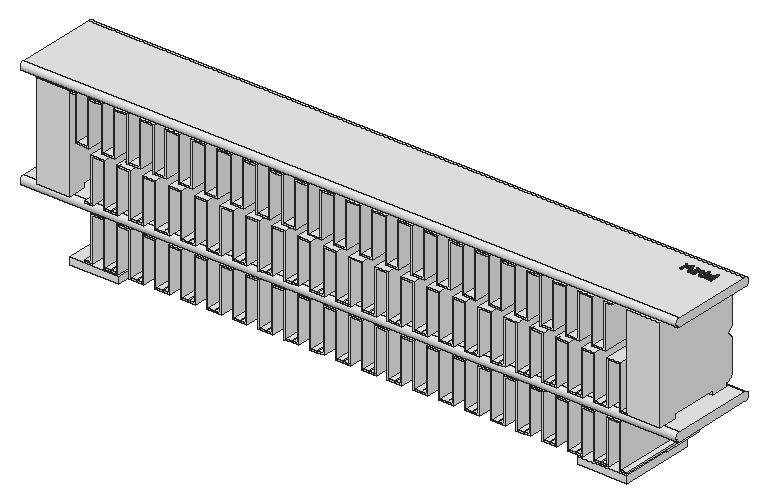
Revit family "Runtal-R3F-1", category Mechanical Equipment, host Face, Revit 2025
Family settings
  Host = Face
  Round Connector Dimension = Use Diameter
  Part Type = Normal
  OmniClass Number = 23.75.10.14.14
  OmniClass Title = Electric Radiators
  Cut with Voids When Loaded = No
  Maintain Annotation Orientation = No
  Shared = No
  Room Calculation Point = No
Parameters (values of type "Radiator-R3F_1-Runtal-Commercial")
  URL = "http://www.runtalnorthamerica.com/commercial_institutional/type_r3f.html"
  Model = "R3F-1"
  Manufacturer = "Runtal Radiators"
  Logo = Paint-Runtal-B-Black Matte
  Length = 508.000 mm
  Lamelle = yes
  Height = 144.780 mm
  Grille Visibility = Actual Length < 1524.000 mm  # yes
  Grille = yes
  Frame = UHMW, White
  Fin Length = Actual Length - 38.100 mm - 38.100 mm  # 431.800 mm
  Fin Height = 67.000 mm
  Description = "R3F radiators are mounted horizontally and consist of two rows of fins sandwiched between two layers of panels."
  Default Elevation = 1219.200 mm
  Casing = Powder Coated-Runtal-W-White
  Assembly Code = "D3020"
  Actual Length = if(Length < 508.000 mm, 508.000 mm, (if(Length > 8991.600 mm, 8991.600 mm, Length)))  # 508.000 mm
Reference planes
  plane 1 "Center (Front/Back)": y = 0
  plane 2: z = 0
  plane 3 "Center (Left/Right)": x = 0
  plane 4: z = 41.275
  plane 5: z = 84.138
  plane 6: z = 120.65
  plane 7: x = -254
  plane 8: x = 254
  plane 9: x = 215.9
  plane 10: z = 52.675
  plane 11: z = 114.975
  plane 12: x = -215.9
  plane 13: z = 47.625
  plane 14: x = -241.3
  plane 15: x = 241.3
  plane 16: y = 72.38
  plane 17: y = -72.38
  plane 18: y = 2.53
  plane 19: z = 5.4
  plane 20: y = 60.38
  plane 21: y = 61.38
Forms (mm)
  Sweep 1, solid, material "Powder Coated-Runtal-W-White" <- "Casing"
    path origin (0, 2.53, -82.252) x (0, 0, -1) y (-1, 0, 0)
      loop
        line (-202.902, 254) -> (-202.902, -254)
    profile "PF Panel : PF Panel" origin (0, 2.53, 120.65) x (0, 0, -1) y (0, 1, 0)
      loop
        arc (-6.35, 3.175) -> (-3.175, 0) -> (0, 3.175) r 3.175
        line (0, 3.175) -> (0, 66.675)
        arc (0, 66.675) -> (-3.175, 69.85) -> (-6.35, 66.675) r 3.175
        line (-6.35, 66.675) -> (-6.35, 3.175)
  Sweep 2, solid, material "Powder Coated-Runtal-W-White" <- "Casing"
    path origin (0, 2.53, -161.627) x (0, 0, -1) y (-1, 0, 0)
      loop
        line (-202.902, 254) -> (-202.902, -254)
    profile "PF Panel : PF Panel" origin (0, 2.53, 41.275) x (0, 0, -1) y (0, 1, 0)
      loop
        arc (-6.35, 3.175) -> (-3.175, 0) -> (0, 3.175) r 3.175
        line (0, 3.175) -> (0, 66.675)
        arc (0, 66.675) -> (-3.175, 69.85) -> (-6.35, 66.675) r 3.175
        line (-6.35, 66.675) -> (-6.35, 3.175)
  Extrusion 3, solid, material "Paint-Runtal-B-Black Matte" <- "Logo"
    sketch origin (0, -823.718, -152.4) x (1, 0, 0) y (0, 1, 0)
      loop
        line (215.9, 877.175) -> (217.482, 877.175) -> (217.482, 880.935)
        arc (217.482, 880.935) -> (218.028, 881.547) -> (218.698, 881.075) r 0.616
        arc (218.698, 881.075) -> (218.926, 880.633) -> (219.216, 880.229) r 3.37
        line (219.216, 880.229) -> (221.077, 880.229) -> (219.757, 883.061)
        arc (219.757, 883.061) -> (219.338, 883.403) -> (218.812, 883.525) r 1.194
        line (218.812, 883.525) -> (216.635, 883.525)
        arc (216.635, 883.525) -> (216.118, 883.334) -> (215.9, 882.827) r 0.699
        line (215.9, 882.827) -> (215.9, 877.175)
      loop
        line (222.852, 877.146) -> (225.869, 877.146) -> (225.869, 883.46)
        arc (225.869, 883.46) -> (225.105, 883.929) -> (224.341, 883.46) r 0.856
        line (224.341, 883.46) -> (224.341, 879.55)
        arc (224.341, 879.55) -> (223.721, 878.929) -> (223.1, 879.55) r 0.62
        line (223.1, 879.55) -> (221.834, 883.692)
        arc (221.834, 883.692) -> (220.996, 884.11) -> (220.536, 883.296) r 0.68
        line (220.536, 883.296) -> (221.738, 878.473)
        arc (221.738, 878.473) -> (222.142, 877.681) -> (222.852, 877.146) r 1.976
      loop
        line (226.263, 877.175) -> (227.738, 877.175) -> (227.738, 881.08)
        arc (227.738, 881.08) -> (228.119, 881.677) -> (228.747, 881.35) r 0.524
        line (228.747, 881.35) -> (229.931, 878.096)
        arc (229.931, 878.096) -> (230.64, 877.334) -> (231.68, 877.312) r 1.335
        line (231.68, 877.312) -> (230.282, 882.529)
        arc (230.282, 882.529) -> (229.99, 883.234) -> (229.286, 883.525) r 0.996
        line (229.286, 883.525) -> (226.837, 883.525)
        arc (226.837, 883.525) -> (226.431, 883.357) -> (226.263, 882.951) r 0.574
        line (226.263, 882.951) -> (226.263, 877.175)
      loop
        line (232.362, 877.175) -> (233.546, 877.175) -> (233.546, 880.946)
        arc (233.546, 880.946) -> (233.686, 881.325) -> (234.038, 881.521) r 0.582
        line (234.038, 881.521) -> (236.904, 881.521)
        arc (236.904, 881.521) -> (237.565, 880.86) -> (236.904, 880.199) r 0.661
        line (236.904, 880.199) -> (235.445, 880.199)
        arc (235.445, 880.199) -> (234.937, 879.989) -> (234.726, 879.481) r 0.718
        line (234.726, 879.481) -> (234.726, 877.743)
        arc (234.726, 877.743) -> (235.131, 877.463) -> (235.621, 877.417) r 0.967
        line (235.621, 877.417) -> (238.115, 877.417)
        arc (238.115, 877.417) -> (238.698, 877.659) -> (238.939, 878.241) r 0.824
        line (238.939, 878.241) -> (238.939, 881.716)
        arc (238.939, 881.716) -> (238.614, 882.502) -> (237.828, 882.828) r 1.111
        line (237.828, 882.828) -> (234.143, 882.828)
        arc (234.143, 882.828) -> (233.721, 883.003) -> (233.546, 883.425) r 0.597
        line (233.546, 883.425) -> (233.546, 884.441)
        arc (233.546, 884.441) -> (232.868, 885.118) -> (232.191, 884.441) r 0.677
        line (232.191, 884.441) -> (232.191, 882.794)
        arc (232.191, 882.794) -> (231.752, 882.355) -> (231.152, 882.194) r 1.2
        arc (231.152, 882.194) -> (230.815, 881.857) -> (231.152, 881.521) r 0.336
        arc (231.152, 881.521) -> (231.811, 881.385) -> (232.362, 880.998) r 1.661
        line (232.362, 880.998) -> (232.362, 877.175)
      loop
        spline (235.817, 878.915) -> (235.846, 878.769) -> (235.933, 878.633) -> (236.07, 878.516) -> (236.248, 878.426) -> (236.456, 878.37) -> (236.68, 878.35) -> (236.903, 878.37) -> (237.111, 878.426) -> (237.289, 878.516) -> (237.427, 878.633) -> (237.513, 878.769) -> (237.542, 878.915)
        spline (237.542, 878.915) -> (237.513, 879.061) -> (237.427, 879.198) -> (237.289, 879.315) -> (237.111, 879.404) -> (236.903, 879.461) -> (236.68, 879.48) -> (236.456, 879.461) -> (236.248, 879.404) -> (236.07, 879.315) -> (235.933, 879.198) -> (235.846, 879.061) -> (235.817, 878.915)
      loop
        line (239.224, 877.175) -> (240.643, 877.175) -> (240.643, 884.403)
        arc (240.643, 884.403) -> (239.934, 885.113) -> (239.224, 884.403) r 0.71
        line (239.224, 884.403) -> (239.224, 877.175)
    from 279.4 to 279.569
  Extrusion 4, solid, material "Powder Coated-Runtal-W-White" <- "Casing", detail levels medium+fine
    sketch origin (0, 72.38, -82.252) x (0, 0, -1) y (-1, 0, 0)
      loop
        line (-87.652, 177.8) -> (-82.252, 177.8) -> (-82.252, 215.9) -> (-87.652, 215.9) -> (-87.652, 177.8)
      loop
        line (-87.652, -177.8) -> (-87.652, -215.9) -> (-82.252, -215.9) -> (-82.252, -177.8) -> (-87.652, -177.8)
    from -69.85 to -12
  Extrusion 5, solid, material "Powder Coated-Runtal-W-White" <- "Casing"
    sketch origin (0, -823.718, -77.492) x (1, 0, 0) y (0, 0, -1)
      loop
        arc (-213.36, -125.117) -> (-215.156, -125.861) -> (-215.9, -127.657) r 2.54
        line (-215.9, -127.657) -> (-215.9, -158.452)
        arc (-215.9, -158.452) -> (-215.156, -160.248) -> (-213.36, -160.992) r 2.54
        line (-213.36, -160.992) -> (213.36, -160.992)
        arc (213.36, -160.992) -> (215.156, -160.248) -> (215.9, -158.452) r 2.54
        line (215.9, -158.452) -> (215.9, -127.657)
        arc (215.9, -127.657) -> (215.156, -125.861) -> (213.36, -125.117) r 2.54
        line (213.36, -125.117) -> (-213.36, -125.117)
      loop
        arc (213.36, -198.142) -> (215.156, -197.398) -> (215.9, -195.602) r 2.54
        line (215.9, -195.602) -> (215.9, -164.169)
        arc (215.9, -164.169) -> (215.156, -162.373) -> (213.36, -161.629) r 2.54
        line (213.36, -161.629) -> (-213.36, -161.629)
        arc (-213.36, -161.629) -> (-215.156, -162.373) -> (-215.9, -164.169) r 2.54
        line (-215.9, -164.169) -> (-215.9, -195.602)
        arc (-215.9, -195.602) -> (-215.156, -197.398) -> (-213.36, -198.142) r 2.54
        line (-213.36, -198.142) -> (213.36, -198.142)
    from 891.018 to 896.098
  Extrusion 6, solid, material "Powder Coated-Runtal-W-White" <- "Casing", detail levels coarse
    sketch origin (0, 34.915, 0) x (1, 0, 0) y (0, 0, 1)
      loop
        line (-215.9, 47.625) -> (215.9, 47.625) -> (215.9, 120.65) -> (-215.9, 120.65) -> (-215.9, 47.625)
    from -37.465 to -32.385
  Extrusion 7, solid, material "Powder Coated-Runtal-W-White" <- "Casing"
    sketch origin (-457.2, -823.718, -82.38) x (0, 0, -1) y (0, 1, 0)
      loop
        line (-133.18, 890.215) -> (-133.18, 891.009)
        arc (-133.18, 891.009) -> (-134.671, 894.608) -> (-138.27, 896.098) r 5.089
        line (-138.27, 896.098) -> (-160.018, 896.098)
        arc (-160.018, 896.098) -> (-164.373, 894.438) -> (-166.518, 890.301) r 6.542
        arc (-166.518, 890.301) -> (-168.663, 894.438) -> (-173.017, 896.098) r 6.542
        line (-173.017, 896.098) -> (-194.766, 896.098)
        arc (-194.766, 896.098) -> (-198.365, 894.608) -> (-199.855, 891.009) r 5.089
        line (-199.855, 891.009) -> (-199.855, 890.215) -> (-203.03, 890.215) -> (-203.03, 877.778) -> (-199.855, 877.778) -> (-199.855, 840.473) -> (-203.03, 840.473) -> (-203.03, 826.248) -> (-130.005, 826.248) -> (-130.005, 840.473) -> (-133.18, 840.473) -> (-133.18, 877.778) -> (-130.005, 877.778) -> (-130.005, 890.215) -> (-133.18, 890.215)
    from 215.9 to 241.3
  Extrusion 8, solid, material "Powder Coated-Runtal-W-White" <- "Casing"
    sketch origin (0, -823.718, -82.38) x (0, 0, -1) y (0, 1, 0)
      loop
        line (-133.18, 890.215) -> (-133.18, 891.009)
        arc (-133.18, 891.009) -> (-134.671, 894.608) -> (-138.27, 896.098) r 5.089
        line (-138.27, 896.098) -> (-160.018, 896.098)
        arc (-160.018, 896.098) -> (-164.373, 894.438) -> (-166.518, 890.301) r 6.542
        arc (-166.518, 890.301) -> (-168.663, 894.438) -> (-173.017, 896.098) r 6.542
        line (-173.017, 896.098) -> (-194.766, 896.098)
        arc (-194.766, 896.098) -> (-198.365, 894.608) -> (-199.855, 891.009) r 5.089
        line (-199.855, 891.009) -> (-199.855, 890.215) -> (-203.03, 890.215) -> (-203.03, 877.778) -> (-199.855, 877.778) -> (-199.855, 840.473) -> (-203.03, 840.473) -> (-203.03, 826.248) -> (-130.005, 826.248) -> (-130.005, 840.473) -> (-133.18, 840.473) -> (-133.18, 877.778) -> (-130.005, 877.778) -> (-130.005, 890.215) -> (-133.18, 890.215)
    from 215.9 to 241.3
  Extrusion 9, solid, material "Powder Coated-Runtal-W-White" <- "Casing"
    sketch origin (0, 0.171, 0) x (0, 1, 0) y (0, 0, 1)
      loop
        line (72.209, 41.275) -> (70.827, 41.275) -> (70.827, 6.782) -> (40.996, 6.782) -> (40.996, 5.4) -> (72.209, 5.4) -> (72.209, 41.275)
    from -215.9 to 215.9
Lines and regions (mm)
  model lines, style "Enter new name here", not visible
    curve 1: line (254, 0, 41.275) -> (215.9, 0, 41.275)
    curve 2: line (215.9, 0, 41.275) -> (215.9, 0, 5.4)
    curve 3: line (215.9, 0, 5.4) -> (-215.95, 0, 5.4)
    curve 4: line (-215.95, 0, 5.4) -> (-215.95, 0, 41.277)
    curve 5: line (-215.95, 0, 41.277) -> (-253.952, 0, 41.277)
Dimensions and locks
  plane 6 to plane 5 to plane 4 to level = 36.512 mm locked, 42.863 mm locked, 41.275 mm locked
  locked: level to plane 10 at 52.675
  locked: level to plane 11 at 114.975
  equal spacing: plane 7, plane 3 "Center (Left/Right)", plane 8  (x2)
  locked: plane 13 to level at 47.625
  locked: plane 9 to plane 8 at 38.1
  locked: plane 12 to plane 7 at 38.1
  "Actual Length": plane 7 to plane 8
  locked: plane 15 to plane 8 at 12.7
  locked: plane 7 to plane 14 at 12.7
  aligned and locked: plane 2 to host face
  aligned and locked: level to host face
  aligned and locked: Extrusion 6 to plane 16
  aligned and locked: Extrusion 5 to Extrusion 6
  aligned and locked: nested 6 to host face
  aligned and locked: plane 12 to nested 3
  aligned and locked: plane 12 to Extrusion 7
  aligned and locked: nested 4 to plane 9
  aligned and locked: nested 5 to plane 9
  aligned and locked: plane 12 to Extrusion 5 sketch curve  (x2)
  aligned and locked: plane 12 to nested 1
  aligned and locked: plane 12 to nested 2
  aligned and locked: Extrusion 8 to plane 9
  aligned and locked: plane 9 to Extrusion 6
  aligned and locked: Extrusion 8 to plane 15
  aligned and locked: Extrusion 6 to plane 12
  aligned and locked: plane 14 to Extrusion 7
  aligned and locked: Extrusion 4 to Extrusion 9
  aligned and locked: plane 9 to Extrusion 9
  aligned and locked: Extrusion 9 to plane 12
  aligned and locked: plane 9 to nested 8
  aligned and locked: plane 12 to nested 8
  aligned and locked: nested 9 to plane 9
  aligned and locked: nested 3 to plane 12
  aligned and locked: nested 9 to plane 12
  aligned and locked: plane 20 to Extrusion 4
  aligned and locked: Extrusion 4 to Extrusion 4
  aligned and locked: Extrusion 9 to nested 5
  aligned and locked: Extrusion 9 to plane 16
Automatic sketch dimensions
  host sketch curve to host sketch curve = 2438.400 mm  (x2)
  Sweep 1 sketch curve to plane 6 = 0.000 mm
  plane 8 to Sweep 1 sketch curve = 0.000 mm
  plane 7 to Sweep 1 sketch curve = 0.000 mm
  Sweep 2 sketch curve to plane 4 = 0.000 mm
  plane 8 to Sweep 2 sketch curve = 0.000 mm
  plane 7 to Sweep 2 sketch curve = 0.000 mm
  Extrusion 3 sketch curve to plane 9 = 0.000 mm
  plane 16 to Extrusion 3 sketch curve = 18.953 mm
  plane 9 to Extrusion 3 sketch curve = 0.735 mm
  Extrusion 3 sketch curve to Extrusion 3 sketch curve = 1.582 mm
  Extrusion 3 sketch curve to Extrusion 3 sketch curve = 2.177 mm
  Extrusion 3 sketch curve to Extrusion 3 sketch curve = 1.734 mm
  Extrusion 3 sketch curve to Extrusion 3 sketch curve = 0.945 mm
  Extrusion 3 sketch curve to Extrusion 3 sketch curve = 0.779 mm
  Extrusion 3 sketch curve to Extrusion 3 sketch curve = 1.861 mm
  Extrusion 3 sketch curve to Extrusion 3 sketch curve = 0.661 mm
  Extrusion 3 sketch curve to Extrusion 3 sketch curve = 1.298 mm
  Extrusion 3 sketch curve to Extrusion 3 sketch curve = 1.114 mm
  Extrusion 3 sketch curve to Extrusion 3 sketch curve = 1.362 mm
  Extrusion 3 sketch curve to Extrusion 3 sketch curve = 2.507 mm
  Extrusion 3 sketch curve to Extrusion 3 sketch curve = 1.528 mm
  Extrusion 3 sketch curve to Extrusion 3 sketch curve = 0.394 mm
  Extrusion 3 sketch curve to Extrusion 3 sketch curve = 0.574 mm
  Extrusion 3 sketch curve to Extrusion 3 sketch curve = 1.475 mm
  Extrusion 3 sketch curve to Extrusion 3 sketch curve = 1.008 mm
  Extrusion 3 sketch curve to Extrusion 3 sketch curve = 0.539 mm
  Extrusion 3 sketch curve to Extrusion 3 sketch curve = 2.193 mm
  Extrusion 3 sketch curve to Extrusion 3 sketch curve = 0.996 mm
  Extrusion 3 sketch curve to Extrusion 3 sketch curve = 1.749 mm
  Extrusion 3 sketch curve to Extrusion 3 sketch curve = 1.909 mm
  Extrusion 3 sketch curve to Extrusion 3 sketch curve = 0.683 mm
  Extrusion 3 sketch curve to Extrusion 3 sketch curve = 1.355 mm
  Extrusion 3 sketch curve to Extrusion 3 sketch curve = 1.184 mm
  Extrusion 3 sketch curve to Extrusion 3 sketch curve = 0.492 mm  (x2)
  Extrusion 3 sketch curve to Extrusion 3 sketch curve = 1.181 mm
  Extrusion 3 sketch curve to Extrusion 3 sketch curve = 0.718 mm
  Extrusion 3 sketch curve to Extrusion 3 sketch curve = 0.894 mm
  Extrusion 3 sketch curve to Extrusion 3 sketch curve = 1.460 mm
  Extrusion 3 sketch curve to Extrusion 3 sketch curve = 0.923 mm
  Extrusion 3 sketch curve to Extrusion 3 sketch curve = 2.495 mm
  Extrusion 3 sketch curve to Extrusion 3 sketch curve = 1.111 mm
  Extrusion 3 sketch curve to Extrusion 3 sketch curve = 0.285 mm
  plane 15 to Extrusion 3 sketch curve = 0.657 mm
  Extrusion 3 sketch curve to Extrusion 3 sketch curve = 0.699 mm
  Extrusion 3 sketch curve to Extrusion 3 sketch curve = 0.616 mm
  Extrusion 3 sketch curve to Extrusion 3 sketch curve = 0.600 mm
  Extrusion 3 sketch curve to Extrusion 3 sketch curve = 0.660 mm
  Extrusion 3 sketch curve to Extrusion 3 sketch curve = 0.603 mm
  Extrusion 3 sketch curve to Extrusion 3 sketch curve = 0.065 mm
  Extrusion 3 sketch curve to Extrusion 3 sketch curve = 0.764 mm
  Extrusion 3 sketch curve to Extrusion 3 sketch curve = 0.870 mm
  Extrusion 3 sketch curve to Extrusion 3 sketch curve = 0.034 mm
  Extrusion 3 sketch curve to Extrusion 3 sketch curve = 0.582 mm
  Extrusion 3 sketch curve to Extrusion 3 sketch curve = 0.597 mm
  Extrusion 3 sketch curve to Extrusion 3 sketch curve = 0.000 mm  (x3)
  Extrusion 3 sketch curve to Extrusion 3 sketch curve = 0.735 mm
  Extrusion 3 sketch curve to Extrusion 3 sketch curve = 0.356 mm
  Extrusion 3 sketch curve to Extrusion 3 sketch curve = 0.863 mm
  Extrusion 3 sketch curve to Extrusion 3 sketch curve = 0.030 mm  (x4)
  Extrusion 3 sketch curve to Extrusion 3 sketch curve = 0.137 mm
  Extrusion 3 sketch curve to Extrusion 3 sketch curve = 0.242 mm
  Extrusion 3 sketch curve to Extrusion 3 sketch curve = 0.326 mm
  Extrusion 3 sketch curve to Extrusion 3 sketch curve = 0.784 mm
  Extrusion 3 sketch curve to Extrusion 3 sketch curve = 1.327 mm
  Extrusion 3 sketch curve to Extrusion 3 sketch curve = 1.109 mm
  Extrusion 3 sketch curve to Extrusion 3 sketch curve = 0.599 mm
  Extrusion 3 sketch curve to Extrusion 3 sketch curve = 1.756 mm
  Extrusion 3 sketch curve to Extrusion 3 sketch curve = 0.706 mm
  Extrusion 3 sketch curve to Extrusion 3 sketch curve = 1.466 mm
  Extrusion 3 sketch curve to Extrusion 3 sketch curve = 0.051 mm
  Extrusion 3 sketch curve to Extrusion 3 sketch curve = 2.984 mm
  Extrusion 3 sketch curve to Extrusion 3 sketch curve = 0.270 mm
  Extrusion 3 sketch curve to Extrusion 3 sketch curve = 0.195 mm
  Extrusion 3 sketch curve to Extrusion 3 sketch curve = 1.179 mm
  Extrusion 3 sketch curve to Extrusion 3 sketch curve = 0.631 mm
  Extrusion 3 sketch curve to Extrusion 3 sketch curve = 1.892 mm
  Extrusion 3 sketch curve to Extrusion 3 sketch curve = 0.464 mm
  Extrusion 3 sketch curve to Extrusion 3 sketch curve = 0.235 mm
  Extrusion 3 sketch curve to Extrusion 3 sketch curve = 0.509 mm
  Extrusion 3 sketch curve to Extrusion 3 sketch curve = 1.297 mm
  Extrusion 3 sketch curve to Extrusion 3 sketch curve = 1.575 mm
  Extrusion 3 sketch curve to Extrusion 3 sketch curve = 1.647 mm
  Extrusion 3 sketch curve to Extrusion 3 sketch curve = 0.544 mm
  Extrusion 3 sketch curve to Extrusion 3 sketch curve = 1.307 mm
  Extrusion 3 sketch curve to Extrusion 3 sketch curve = 0.336 mm
  Extrusion 3 sketch curve to Extrusion 3 sketch curve = 0.387 mm
  plane 4 to Extrusion 4 sketch curve = 35.875 mm  (x2)
  Extrusion 4 sketch curve to level = 0.000 mm  (x2)
  Extrusion 4 sketch curve to plane 9 = 0.000 mm
  Extrusion 4 sketch curve to plane 12 = 0.000 mm
  Extrusion 4 sketch curve to plane 9 = 38.100 mm
  Extrusion 4 sketch curve to Extrusion 4 sketch curve = 38.100 mm
  Extrusion 6 sketch curve to plane 12 = 0.000 mm
  Extrusion 6 sketch curve to plane 6 = 0.000 mm
  Extrusion 6 sketch curve to plane 9 = 0.000 mm
  Extrusion 6 sketch curve to plane 13 = 0.000 mm
  Extrusion 5 sketch curve to plane 5 = 0.000 mm
  Extrusion 5 sketch curve to plane 13 = 0.000 mm
  Extrusion 5 sketch curve to plane 6 = 0.000 mm
  Extrusion 5 sketch curve to plane 9 = 0.000 mm  (x2)
  plane 6 to Extrusion 5 sketch curve = 2.540 mm
  plane 12 to Extrusion 5 sketch curve = 2.540 mm  (x3)
  Extrusion 5 sketch curve to Extrusion 5 sketch curve = 0.000 mm  (x2)
  Extrusion 5 sketch curve to plane 9 = 2.540 mm  (x2)
  plane 5 to Extrusion 5 sketch curve = 0.638 mm
  plane 6 to Extrusion 7 sketch curve = 0.000 mm  (x2)
  Extrusion 7 sketch curve to plane 16 = 0.000 mm  (x2)
  plane 13 to Extrusion 7 sketch curve = 0.000 mm  (x2)
  Extrusion 7 sketch curve to plane 18 = 0.000 mm
  plane 5 to Extrusion 7 sketch curve = 0.000 mm
  plane 11 to Extrusion 7 sketch curve = 2.500 mm  (x2)
  Extrusion 7 sketch curve to plane 11 = 2.589 mm
  Extrusion 7 sketch curve to plane 5 = 6.500 mm
  plane 5 to Extrusion 7 sketch curve = 6.500 mm
  plane 10 to Extrusion 7 sketch curve = 3.214 mm
  Extrusion 7 sketch curve to plane 10 = 1.875 mm  (x2)
  Extrusion 7 sketch curve to plane 18 = 14.225 mm  (x2)
  Extrusion 7 sketch curve to Extrusion 7 sketch curve = 13.231 mm  (x2)
  Extrusion 7 sketch curve to Extrusion 7 sketch curve = 0.794 mm  (x2)
  Extrusion 7 sketch curve to Extrusion 7 sketch curve = 6.542 mm
  plane 6 to Extrusion 8 sketch curve = 0.000 mm  (x2)
  Extrusion 8 sketch curve to plane 16 = 0.000 mm  (x2)
  plane 13 to Extrusion 8 sketch curve = 0.000 mm  (x2)
  Extrusion 8 sketch curve to plane 18 = 0.000 mm
  plane 5 to Extrusion 8 sketch curve = 0.000 mm
  plane 11 to Extrusion 8 sketch curve = 2.500 mm  (x2)
  Extrusion 8 sketch curve to plane 11 = 2.589 mm
  Extrusion 8 sketch curve to plane 5 = 6.500 mm
  plane 5 to Extrusion 8 sketch curve = 6.500 mm
  plane 10 to Extrusion 8 sketch curve = 3.214 mm
  Extrusion 8 sketch curve to plane 10 = 1.875 mm  (x2)
  Extrusion 8 sketch curve to plane 18 = 14.225 mm  (x2)
  Extrusion 8 sketch curve to Extrusion 8 sketch curve = 13.231 mm  (x2)
  Extrusion 8 sketch curve to Extrusion 8 sketch curve = 0.794 mm  (x2)
  Extrusion 8 sketch curve to Extrusion 8 sketch curve = 6.542 mm
  plane 4 to Extrusion 9 sketch curve = 0.000 mm
  Extrusion 9 sketch curve to plane 16 = 0.000 mm
  level to Extrusion 9 sketch curve = 5.400 mm
  Extrusion 9 sketch curve to Extrusion 9 sketch curve = 1.382 mm  (x2)
  Extrusion 9 sketch curve to Extrusion 9 sketch curve = 29.831 mm
Nested families
  nested 1: "Family Grilles" at (-215.9, 72.38, 114.975) x (1, 0, 0) z (0, 1, 0), visible <- "Grille Visibility", type "Family Grilles", detail levels fine
  nested 2: "Family Grilles" at (-215.9, 72.38, 52.675) x (1, 0, 0) z (0, -1, 0), visible <- "Grille Visibility", type "Family Grilles", detail levels fine
  nested 3: "Family Fins" at (-215.9, 2.53, 120.65) x (1, 0, 0) z (0, 1, 0), type "Family Fins", detail levels medium+fine
    with fHeight 67.000 mm
  nested 4: "Family Fins" at (215.9, 2.53, 47.625) x (-1, 0, 0) z (0, 1, 0), type "Family Fins", detail levels medium+fine
    with fHeight 67.000 mm
  nested 5: "Family Fins" at (215.9, 2.53, 6.782) x (-1, 0, 0) z (0, 1, 0), type "Family Fins", detail levels medium+fine
    with fHeight 67.000 mm
  nested 6: "R3f_Plan_Coarse" at (0, 0, 0.952) x (-1, 0, 0) z (0, -1, 0), type "R3F_Plan_coarse", detail levels coarse
  nested 7: "R3F_Plan_Medium" at (0.05, 0, 0) x (-1, 0, 0) z (0, -1, 0), type "R3F_Plan_Medium"
  nested 8: "Family Grilles" at (-215.9, 72.38, 11.352) x (1, 0, 0) z (0, -1, 0), visible <- "Grille Visibility", type "Family Grilles", detail levels fine
  nested 9: "Family Back Grilles" at (215.9, 61.917, 5.4) x (-1, 0, 0) z (0, 0, -1), visible <- "Grille Visibility", type "Family Back Grilles"
Connectors
  piping at (196.85, 31.455, 0), diameter 609.6
    settings: on Extrusion 4, index 1, connector inside diameter 24", connector length 0.000 mm, flow factor 0, pipe flow 0 GPM, pressure drop 0.00 psi, fitting loss kfactor 0, connector angle 0.00°, fixture units 0, engagement length 0.000 mm, angle of deflection 0.00°, flow configuration 0, flow direction 0, fitting loss method 0, system type 7, joint type 0, gender type 0, connector reference index -1, connector utility 0, adjustable connector no, is connector primary yes, connector description ""
Definition of nested family "Family Fins"
  Parameters
    finLength = 431.800 mm
    fin# = rounddown((finLength) / 19.990 mm)  # 21
    fin = none
    fHeight = 120.000 mm
    Default Elevation = 0.000 mm  # constant formula
  Reference planes
    plane 1 "Center (Front/Back)": y = 0
    plane 2 "Stick": z = 0
    plane 3 "Center (Left/Right)": x = 0
    plane 4: x = 431.8
  Forms (mm)
    Extrusion 1, solid
      sketch origin (0, 0, 0) x (1, 0, 0) y (0, 1, 0)
        loop
          line (-1219.2, 1219.2) -> (-1219.2, -1219.2) -> (1219.2, -1219.2) -> (1219.2, 1219.2) -> (-1219.2, 1219.2)
      from 0 to -304.8
  Dimensions and locks
    "finLength": plane 3 "Center (Left/Right)" to plane 4
    equal spacing: group 1, group 2, group 3, group 4, group 5, group 6, group 7, group 8, group 9, group 10, group 11, group 12, group 13, group 14, group 15, group 16, group 17, group 18, group 19, group 20, group 21  (x3)
    aligned and locked: plane 2 "Stick" to Extrusion 1
    aligned and locked: level to Extrusion 1
  Automatic sketch dimensions
    Extrusion 1 sketch curve to Extrusion 1 sketch curve = 2438.400 mm  (x2)
  Nested families
    nested 1: "Family Lamelle" at (9.995, 0, 0), type "Family Lamelle"
      with fHeight 120.000 mm
    nested 2: "Family Lamelle" at (29.985, 0, 0), type "Family Lamelle"
      with fHeight 120.000 mm
    nested 3: "Family Lamelle" at (49.975, 0, 0), type "Family Lamelle"
      with fHeight 120.000 mm
    nested 4: "Family Lamelle" at (69.964, 0, 0), type "Family Lamelle"
      with fHeight 120.000 mm
    nested 5: "Family Lamelle" at (89.954, 0, 0), type "Family Lamelle"
      with fHeight 120.000 mm
    nested 6: "Family Lamelle" at (109.944, 0, 0), type "Family Lamelle"
      with fHeight 120.000 mm
    nested 7: "Family Lamelle" at (129.934, 0, 0), type "Family Lamelle"
      with fHeight 120.000 mm
    nested 8: "Family Lamelle" at (149.924, 0, 0), type "Family Lamelle"
      with fHeight 120.000 mm
    nested 9: "Family Lamelle" at (169.913, 0, 0), type "Family Lamelle"
      with fHeight 120.000 mm
    nested 10: "Family Lamelle" at (189.903, 0, 0), type "Family Lamelle"
      with fHeight 120.000 mm
    nested 11: "Family Lamelle" at (209.893, 0, 0), type "Family Lamelle"
      with fHeight 120.000 mm
    nested 12: "Family Lamelle" at (229.883, 0, 0), type "Family Lamelle"
      with fHeight 120.000 mm
    nested 13: "Family Lamelle" at (249.873, 0, 0), type "Family Lamelle"
      with fHeight 120.000 mm
    nested 14: "Family Lamelle" at (269.862, 0, 0), type "Family Lamelle"
      with fHeight 120.000 mm
    nested 15: "Family Lamelle" at (289.852, 0, 0), type "Family Lamelle"
      with fHeight 120.000 mm
    nested 16: "Family Lamelle" at (309.842, 0, 0), type "Family Lamelle"
      with fHeight 120.000 mm
    nested 17: "Family Lamelle" at (329.832, 0, 0), type "Family Lamelle"
      with fHeight 120.000 mm
    nested 18: "Family Lamelle" at (349.822, 0, 0), type "Family Lamelle"
      with fHeight 120.000 mm
    nested 19: "Family Lamelle" at (369.811, 0, 0), type "Family Lamelle"
      with fHeight 120.000 mm
    nested 20: "Family Lamelle" at (389.801, 0, 0), type "Family Lamelle"
      with fHeight 120.000 mm
    nested 21: "Family Lamelle" at (409.791, 0, 0), type "Family Lamelle"
      with fHeight 120.000 mm
  Definition of nested family "Family Lamelle"
    Parameters
      fHeight = 66.000 mm
      Fin = none
      Default Elevation = 1219.200 mm
    Reference planes
      plane 1 "Center (Front/Back)": y = 0
      plane 2: z = 0
      plane 3 "Center (Left/Right)": x = 0
    Forms (mm)
      Extrusion 1, solid
        sketch origin (0, 0, 0) x (1, 0, 0) y (0, 1, 0)
          loop
            line (-1219.2, 1219.2) -> (-1219.2, -1219.2) -> (1219.2, -1219.2) -> (1219.2, 1219.2) -> (-1219.2, 1219.2)
        from 0 to -304.8
      Sweep 2, solid, material <- "Fin"
        path origin (0, 0, 0) x (1, 0, 0) y (0, 0, 1)
          loop
            line (0, 0) -> (0, 66)
        profile "PF Lamelle : PF Lamelle" origin (0, 0, 33) x (-1, 0, 0) y (0, -1, 0)
          loop
            line (9.995, 0) -> (4.229, 0) -> (4.229, -33.477) -> (-4.229, -33.477) -> (-4.229, 0) -> (-9.995, 0) -> (-9.995, -1.016) -> (-5.245, -1.016) -> (-5.245, -34.493) -> (5.245, -34.493) -> (5.245, -1.016) -> (9.995, -1.016) -> (9.995, 0)
    Dimensions and locks
      "fHeight": Sweep 2 sketch curve to plane 2
      aligned and locked: plane 2 to Extrusion 1
      aligned and locked: level to Extrusion 1
    Automatic sketch dimensions
      Extrusion 1 sketch curve to Extrusion 1 sketch curve = 2438.400 mm  (x2)
      Sweep 2 sketch curve to plane 3 "Center (Left/Right)" = 0.000 mm
      Sweep 2 sketch curve to level = 0.000 mm
Definition of nested family "Family Grilles"
  Parameters
    finLength = 431.800 mm
    Right# = ((finLength - 10.160 mm) / (5.080 mm)) + 1  # 84
    Left# = ((finLength - 7.620 mm) / (5.080 mm)) + 1  # 85
    Default Elevation = 1219.200 mm
  Reference planes
    plane 1 "Center (Front/Back)": y = 0
    plane 2: z = 0
    plane 3 "Center (Left/Right)": x = 0
    plane 4: x = 431.8
  Forms (mm)
    Extrusion 1, solid
      sketch origin (0, 0, 0) x (1, 0, 0) y (0, 1, 0)
        loop
          line (-1219.2, 1219.2) -> (-1219.2, -1219.2) -> (1219.2, -1219.2) -> (1219.2, 1219.2) -> (-1219.2, 1219.2)
      from 0 to -304.8
  Lines and regions (mm)
    model lines
      curve 1: circle (2.54, 23.495, 0) r 1.27 normal (0, 0, 1)
      curve 2: circle (2.54, 14.605, 0) r 1.27 normal (0, 0, 1)
      curve 3: circle (2.54, 5.715, 0) r 1.27 normal (0, 0, 1)
      curve 4: circle (5.08, 19.05, 0) r 1.27 normal (0, 0, 1)
      curve 5: circle (5.08, 10.16, 0) r 1.27 normal (0, 0, 1)
      curve 6: circle (5.08, 1.27, 0) r 1.27 normal (0, 0, 1)
      curve 13: circle (7.62, 23.495, 0) r 1.27 normal (0, 0, 1)
      curve 14: circle (7.62, 14.605, 0) r 1.27 normal (0, 0, 1)
      curve 15: circle (7.62, 5.715, 0) r 1.27 normal (0, 0, 1)
      curve 16: circle (10.16, 19.05, 0) r 1.27 normal (0, 0, 1)
      curve 17: circle (10.16, 10.16, 0) r 1.27 normal (0, 0, 1)
      curve 18: circle (10.16, 1.27, 0) r 1.27 normal (0, 0, 1)
      curve 19: circle (15.24, 19.05, 0) r 1.27 normal (0, 0, 1)
      curve 20: circle (15.24, 10.16, 0) r 1.27 normal (0, 0, 1)
      curve 21: circle (15.24, 1.27, 0) r 1.27 normal (0, 0, 1)
      curve 22: circle (20.32, 19.05, 0) r 1.27 normal (0, 0, 1)
      curve 23: circle (20.32, 10.16, 0) r 1.27 normal (0, 0, 1)
      curve 24: circle (20.32, 1.27, 0) r 1.27 normal (0, 0, 1)
      curve 25: circle (12.7, 23.495, 0) r 1.27 normal (0, 0, 1)
      curve 26: circle (12.7, 14.605, 0) r 1.27 normal (0, 0, 1)
      curve 27: circle (12.7, 5.715, 0) r 1.27 normal (0, 0, 1)
      curve 28: circle (17.78, 23.495, 0) r 1.27 normal (0, 0, 1)
      curve 29: circle (17.78, 14.605, 0) r 1.27 normal (0, 0, 1)
      curve 30: circle (17.78, 5.715, 0) r 1.27 normal (0, 0, 1)
      curve 31: circle (22.86, 23.495, 0) r 1.27 normal (0, 0, 1)
      curve 32: circle (22.86, 14.605, 0) r 1.27 normal (0, 0, 1)
      curve 33: circle (22.86, 5.715, 0) r 1.27 normal (0, 0, 1)
      curve 34: circle (27.94, 23.495, 0) r 1.27 normal (0, 0, 1)
      curve 35: circle (27.94, 14.605, 0) r 1.27 normal (0, 0, 1)
      curve 36: circle (27.94, 5.715, 0) r 1.27 normal (0, 0, 1)
      curve 37: circle (33.02, 23.495, 0) r 1.27 normal (0, 0, 1)
      curve 38: circle (33.02, 14.605, 0) r 1.27 normal (0, 0, 1)
      curve 39: circle (33.02, 5.715, 0) r 1.27 normal (0, 0, 1)
      curve 40: circle (38.1, 23.495, 0) r 1.27 normal (0, 0, 1)
      curve 41: circle (38.1, 14.605, 0) r 1.27 normal (0, 0, 1)
      curve 42: circle (38.1, 5.715, 0) r 1.27 normal (0, 0, 1)
      curve 43: circle (43.18, 23.495, 0) r 1.27 normal (0, 0, 1)
      curve 44: circle (43.18, 14.605, 0) r 1.27 normal (0, 0, 1)
      curve 45: circle (43.18, 5.715, 0) r 1.27 normal (0, 0, 1)
      curve 46: circle (48.26, 23.495, 0) r 1.27 normal (0, 0, 1)
      curve 47: circle (48.26, 14.605, 0) r 1.27 normal (0, 0, 1)
      curve 48: circle (48.26, 5.715, 0) r 1.27 normal (0, 0, 1)
      curve 49: circle (53.34, 23.495, 0) r 1.27 normal (0, 0, 1)
      curve 50: circle (53.34, 14.605, 0) r 1.27 normal (0, 0, 1)
      curve 51: circle (53.34, 5.715, 0) r 1.27 normal (0, 0, 1)
      curve 52: circle (58.42, 23.495, 0) r 1.27 normal (0, 0, 1)
      curve 53: circle (58.42, 14.605, 0) r 1.27 normal (0, 0, 1)
      curve 54: circle (58.42, 5.715, 0) r 1.27 normal (0, 0, 1)
      curve 55: circle (63.5, 23.495, 0) r 1.27 normal (0, 0, 1)
      curve 56: circle (63.5, 14.605, 0) r 1.27 normal (0, 0, 1)
      curve 57: circle (63.5, 5.715, 0) r 1.27 normal (0, 0, 1)
      curve 58: circle (68.58, 23.495, 0) r 1.27 normal (0, 0, 1)
      curve 59: circle (68.58, 14.605, 0) r 1.27 normal (0, 0, 1)
      curve 60: circle (68.58, 5.715, 0) r 1.27 normal (0, 0, 1)
      curve 61: circle (73.66, 23.495, 0) r 1.27 normal (0, 0, 1)
      curve 62: circle (73.66, 14.605, 0) r 1.27 normal (0, 0, 1)
      curve 63: circle (73.66, 5.715, 0) r 1.27 normal (0, 0, 1)
      curve 64: circle (78.74, 23.495, 0) r 1.27 normal (0, 0, 1)
      curve 65: circle (78.74, 14.605, 0) r 1.27 normal (0, 0, 1)
      curve 66: circle (78.74, 5.715, 0) r 1.27 normal (0, 0, 1)
      curve 67: circle (83.82, 23.495, 0) r 1.27 normal (0, 0, 1)
      curve 68: circle (83.82, 14.605, 0) r 1.27 normal (0, 0, 1)
      curve 69: circle (83.82, 5.715, 0) r 1.27 normal (0, 0, 1)
      curve 70: circle (88.9, 23.495, 0) r 1.27 normal (0, 0, 1)
      curve 71: circle (88.9, 14.605, 0) r 1.27 normal (0, 0, 1)
      curve 72: circle (88.9, 5.715, 0) r 1.27 normal (0, 0, 1)
      curve 73: circle (93.98, 23.495, 0) r 1.27 normal (0, 0, 1)
      curve 74: circle (93.98, 14.605, 0) r 1.27 normal (0, 0, 1)
      curve 75: circle (93.98, 5.715, 0) r 1.27 normal (0, 0, 1)
      curve 76: circle (99.06, 23.495, 0) r 1.27 normal (0, 0, 1)
      curve 77: circle (99.06, 14.605, 0) r 1.27 normal (0, 0, 1)
      curve 78: circle (99.06, 5.715, 0) r 1.27 normal (0, 0, 1)
      curve 79: circle (104.14, 23.495, 0) r 1.27 normal (0, 0, 1)
      curve 80: circle (104.14, 14.605, 0) r 1.27 normal (0, 0, 1)
      curve 81: circle (104.14, 5.715, 0) r 1.27 normal (0, 0, 1)
      curve 82: circle (109.22, 23.495, 0) r 1.27 normal (0, 0, 1)
      curve 83: circle (109.22, 14.605, 0) r 1.27 normal (0, 0, 1)
      curve 84: circle (109.22, 5.715, 0) r 1.27 normal (0, 0, 1)
      curve 85: circle (114.3, 23.495, 0) r 1.27 normal (0, 0, 1)
      curve 86: circle (114.3, 14.605, 0) r 1.27 normal (0, 0, 1)
      curve 87: circle (114.3, 5.715, 0) r 1.27 normal (0, 0, 1)
      curve 88: circle (119.38, 23.495, 0) r 1.27 normal (0, 0, 1)
      curve 89: circle (119.38, 14.605, 0) r 1.27 normal (0, 0, 1)
      curve 90: circle (119.38, 5.715, 0) r 1.27 normal (0, 0, 1)
      curve 91: circle (124.46, 23.495, 0) r 1.27 normal (0, 0, 1)
      curve 92: circle (124.46, 14.605, 0) r 1.27 normal (0, 0, 1)
      curve 93: circle (124.46, 5.715, 0) r 1.27 normal (0, 0, 1)
      curve 94: circle (129.54, 23.495, 0) r 1.27 normal (0, 0, 1)
      curve 95: circle (129.54, 14.605, 0) r 1.27 normal (0, 0, 1)
      curve 96: circle (129.54, 5.715, 0) r 1.27 normal (0, 0, 1)
      curve 97: circle (134.62, 23.495, 0) r 1.27 normal (0, 0, 1)
      curve 98: circle (134.62, 14.605, 0) r 1.27 normal (0, 0, 1)
      curve 99: circle (134.62, 5.715, 0) r 1.27 normal (0, 0, 1)
      curve 100: circle (139.7, 23.495, 0) r 1.27 normal (0, 0, 1)
      curve 101: circle (139.7, 14.605, 0) r 1.27 normal (0, 0, 1)
      curve 102: circle (139.7, 5.715, 0) r 1.27 normal (0, 0, 1)
      curve 103: circle (144.78, 23.495, 0) r 1.27 normal (0, 0, 1)
      curve 104: circle (144.78, 14.605, 0) r 1.27 normal (0, 0, 1)
      curve 105: circle (144.78, 5.715, 0) r 1.27 normal (0, 0, 1)
      curve 106: circle (149.86, 23.495, 0) r 1.27 normal (0, 0, 1)
      curve 107: circle (149.86, 14.605, 0) r 1.27 normal (0, 0, 1)
      curve 108: circle (149.86, 5.715, 0) r 1.27 normal (0, 0, 1)
      curve 109: circle (154.94, 23.495, 0) r 1.27 normal (0, 0, 1)
      curve 110: circle (154.94, 14.605, 0) r 1.27 normal (0, 0, 1)
      curve 111: circle (154.94, 5.715, 0) r 1.27 normal (0, 0, 1)
      curve 112: circle (160.02, 23.495, 0) r 1.27 normal (0, 0, 1)
      curve 113: circle (160.02, 14.605, 0) r 1.27 normal (0, 0, 1)
      curve 114: circle (160.02, 5.715, 0) r 1.27 normal (0, 0, 1)
      curve 115: circle (165.1, 23.495, 0) r 1.27 normal (0, 0, 1)
      curve 116: circle (165.1, 14.605, 0) r 1.27 normal (0, 0, 1)
      curve 117: circle (165.1, 5.715, 0) r 1.27 normal (0, 0, 1)
      curve 118: circle (170.18, 23.495, 0) r 1.27 normal (0, 0, 1)
      curve 119: circle (170.18, 14.605, 0) r 1.27 normal (0, 0, 1)
      curve 120: circle (170.18, 5.715, 0) r 1.27 normal (0, 0, 1)
      curve 121: circle (175.26, 23.495, 0) r 1.27 normal (0, 0, 1)
      curve 122: circle (175.26, 14.605, 0) r 1.27 normal (0, 0, 1)
      curve 123: circle (175.26, 5.715, 0) r 1.27 normal (0, 0, 1)
      curve 124: circle (180.34, 23.495, 0) r 1.27 normal (0, 0, 1)
      curve 125: circle (180.34, 14.605, 0) r 1.27 normal (0, 0, 1)
      curve 126: circle (180.34, 5.715, 0) r 1.27 normal (0, 0, 1)
      curve 127: circle (185.42, 23.495, 0) r 1.27 normal (0, 0, 1)
      curve 128: circle (185.42, 14.605, 0) r 1.27 normal (0, 0, 1)
      curve 129: circle (185.42, 5.715, 0) r 1.27 normal (0, 0, 1)
      curve 130: circle (190.5, 23.495, 0) r 1.27 normal (0, 0, 1)
      curve 131: circle (190.5, 14.605, 0) r 1.27 normal (0, 0, 1)
      curve 132: circle (190.5, 5.715, 0) r 1.27 normal (0, 0, 1)
      curve 133: circle (195.58, 23.495, 0) r 1.27 normal (0, 0, 1)
      curve 134: circle (195.58, 14.605, 0) r 1.27 normal (0, 0, 1)
      curve 135: circle (195.58, 5.715, 0) r 1.27 normal (0, 0, 1)
      curve 136: circle (200.66, 23.495, 0) r 1.27 normal (0, 0, 1)
      curve 137: circle (200.66, 14.605, 0) r 1.27 normal (0, 0, 1)
      curve 138: circle (200.66, 5.715, 0) r 1.27 normal (0, 0, 1)
      curve 139: circle (205.74, 23.495, 0) r 1.27 normal (0, 0, 1)
      curve 140: circle (205.74, 14.605, 0) r 1.27 normal (0, 0, 1)
      curve 141: circle (205.74, 5.715, 0) r 1.27 normal (0, 0, 1)
      curve 142: circle (210.82, 23.495, 0) r 1.27 normal (0, 0, 1)
      curve 143: circle (210.82, 14.605, 0) r 1.27 normal (0, 0, 1)
      curve 144: circle (210.82, 5.715, 0) r 1.27 normal (0, 0, 1)
      curve 145: circle (215.9, 23.495, 0) r 1.27 normal (0, 0, 1)
      curve 146: circle (215.9, 14.605, 0) r 1.27 normal (0, 0, 1)
      curve 147: circle (215.9, 5.715, 0) r 1.27 normal (0, 0, 1)
      curve 148: circle (220.98, 23.495, 0) r 1.27 normal (0, 0, 1)
      curve 149: circle (220.98, 14.605, 0) r 1.27 normal (0, 0, 1)
      curve 150: circle (220.98, 5.715, 0) r 1.27 normal (0, 0, 1)
      curve 151: circle (226.06, 23.495, 0) r 1.27 normal (0, 0, 1)
      curve 152: circle (226.06, 14.605, 0) r 1.27 normal (0, 0, 1)
      curve 153: circle (226.06, 5.715, 0) r 1.27 normal (0, 0, 1)
      curve 154: circle (231.14, 23.495, 0) r 1.27 normal (0, 0, 1)
      curve 155: circle (231.14, 14.605, 0) r 1.27 normal (0, 0, 1)
      curve 156: circle (231.14, 5.715, 0) r 1.27 normal (0, 0, 1)
      curve 157: circle (236.22, 23.495, 0) r 1.27 normal (0, 0, 1)
      curve 158: circle (236.22, 14.605, 0) r 1.27 normal (0, 0, 1)
      curve 159: circle (236.22, 5.715, 0) r 1.27 normal (0, 0, 1)
      curve 160: circle (241.3, 23.495, 0) r 1.27 normal (0, 0, 1)
      curve 161: circle (241.3, 14.605, 0) r 1.27 normal (0, 0, 1)
      curve 162: circle (241.3, 5.715, 0) r 1.27 normal (0, 0, 1)
      curve 163: circle (246.38, 23.495, 0) r 1.27 normal (0, 0, 1)
      curve 164: circle (246.38, 14.605, 0) r 1.27 normal (0, 0, 1)
      curve 165: circle (246.38, 5.715, 0) r 1.27 normal (0, 0, 1)
      curve 166: circle (251.46, 23.495, 0) r 1.27 normal (0, 0, 1)
      curve 167: circle (251.46, 14.605, 0) r 1.27 normal (0, 0, 1)
      curve 168: circle (251.46, 5.715, 0) r 1.27 normal (0, 0, 1)
      curve 169: circle (256.54, 23.495, 0) r 1.27 normal (0, 0, 1)
      curve 170: circle (256.54, 14.605, 0) r 1.27 normal (0, 0, 1)
      curve 171: circle (256.54, 5.715, 0) r 1.27 normal (0, 0, 1)
      curve 172: circle (261.62, 23.495, 0) r 1.27 normal (0, 0, 1)
      curve 173: circle (261.62, 14.605, 0) r 1.27 normal (0, 0, 1)
      curve 174: circle (261.62, 5.715, 0) r 1.27 normal (0, 0, 1)
      curve 175: circle (266.7, 23.495, 0) r 1.27 normal (0, 0, 1)
      curve 176: circle (266.7, 14.605, 0) r 1.27 normal (0, 0, 1)
      curve 177: circle (266.7, 5.715, 0) r 1.27 normal (0, 0, 1)
      curve 178: circle (271.78, 23.495, 0) r 1.27 normal (0, 0, 1)
      curve 179: circle (271.78, 14.605, 0) r 1.27 normal (0, 0, 1)
      curve 180: circle (271.78, 5.715, 0) r 1.27 normal (0, 0, 1)
      curve 181: circle (276.86, 23.495, 0) r 1.27 normal (0, 0, 1)
      curve 182: circle (276.86, 14.605, 0) r 1.27 normal (0, 0, 1)
      curve 183: circle (276.86, 5.715, 0) r 1.27 normal (0, 0, 1)
      curve 184: circle (281.94, 23.495, 0) r 1.27 normal (0, 0, 1)
      curve 185: circle (281.94, 14.605, 0) r 1.27 normal (0, 0, 1)
      curve 186: circle (281.94, 5.715, 0) r 1.27 normal (0, 0, 1)
      curve 187: circle (287.02, 23.495, 0) r 1.27 normal (0, 0, 1)
      curve 188: circle (287.02, 14.605, 0) r 1.27 normal (0, 0, 1)
      curve 189: circle (287.02, 5.715, 0) r 1.27 normal (0, 0, 1)
      curve 190: circle (292.1, 23.495, 0) r 1.27 normal (0, 0, 1)
      curve 191: circle (292.1, 14.605, 0) r 1.27 normal (0, 0, 1)
      curve 192: circle (292.1, 5.715, 0) r 1.27 normal (0, 0, 1)
      curve 193: circle (297.18, 23.495, 0) r 1.27 normal (0, 0, 1)
      curve 194: circle (297.18, 14.605, 0) r 1.27 normal (0, 0, 1)
      curve 195: circle (297.18, 5.715, 0) r 1.27 normal (0, 0, 1)
      curve 196: circle (302.26, 23.495, 0) r 1.27 normal (0, 0, 1)
      curve 197: circle (302.26, 14.605, 0) r 1.27 normal (0, 0, 1)
      curve 198: circle (302.26, 5.715, 0) r 1.27 normal (0, 0, 1)
      curve 199: circle (307.34, 23.495, 0) r 1.27 normal (0, 0, 1)
      curve 200: circle (307.34, 14.605, 0) r 1.27 normal (0, 0, 1)
      curve 201: circle (307.34, 5.715, 0) r 1.27 normal (0, 0, 1)
      curve 202: circle (312.42, 23.495, 0) r 1.27 normal (0, 0, 1)
      curve 203: circle (312.42, 14.605, 0) r 1.27 normal (0, 0, 1)
      curve 204: circle (312.42, 5.715, 0) r 1.27 normal (0, 0, 1)
      curve 205: circle (317.5, 23.495, 0) r 1.27 normal (0, 0, 1)
      curve 206: circle (317.5, 14.605, 0) r 1.27 normal (0, 0, 1)
      curve 207: circle (317.5, 5.715, 0) r 1.27 normal (0, 0, 1)
      curve 208: circle (322.58, 23.495, 0) r 1.27 normal (0, 0, 1)
      curve 209: circle (322.58, 14.605, 0) r 1.27 normal (0, 0, 1)
      curve 210: circle (322.58, 5.715, 0) r 1.27 normal (0, 0, 1)
      curve 211: circle (327.66, 23.495, 0) r 1.27 normal (0, 0, 1)
      curve 212: circle (327.66, 14.605, 0) r 1.27 normal (0, 0, 1)
      curve 213: circle (327.66, 5.715, 0) r 1.27 normal (0, 0, 1)
      curve 214: circle (332.74, 23.495, 0) r 1.27 normal (0, 0, 1)
      curve 215: circle (332.74, 14.605, 0) r 1.27 normal (0, 0, 1)
      curve 216: circle (332.74, 5.715, 0) r 1.27 normal (0, 0, 1)
      curve 217: circle (337.82, 23.495, 0) r 1.27 normal (0, 0, 1)
      curve 218: circle (337.82, 14.605, 0) r 1.27 normal (0, 0, 1)
      curve 219: circle (337.82, 5.715, 0) r 1.27 normal (0, 0, 1)
      curve 220: circle (342.9, 23.495, 0) r 1.27 normal (0, 0, 1)
      curve 221: circle (342.9, 14.605, 0) r 1.27 normal (0, 0, 1)
      curve 222: circle (342.9, 5.715, 0) r 1.27 normal (0, 0, 1)
      curve 223: circle (347.98, 23.495, 0) r 1.27 normal (0, 0, 1)
      curve 224: circle (347.98, 14.605, 0) r 1.27 normal (0, 0, 1)
      curve 225: circle (347.98, 5.715, 0) r 1.27 normal (0, 0, 1)
      curve 226: circle (353.06, 23.495, 0) r 1.27 normal (0, 0, 1)
      curve 227: circle (353.06, 14.605, 0) r 1.27 normal (0, 0, 1)
      curve 228: circle (353.06, 5.715, 0) r 1.27 normal (0, 0, 1)
      curve 229: circle (358.14, 23.495, 0) r 1.27 normal (0, 0, 1)
      curve 230: circle (358.14, 14.605, 0) r 1.27 normal (0, 0, 1)
      curve 231: circle (358.14, 5.715, 0) r 1.27 normal (0, 0, 1)
      curve 232: circle (363.22, 23.495, 0) r 1.27 normal (0, 0, 1)
      curve 233: circle (363.22, 14.605, 0) r 1.27 normal (0, 0, 1)
      curve 234: circle (363.22, 5.715, 0) r 1.27 normal (0, 0, 1)
      curve 235: circle (368.3, 23.495, 0) r 1.27 normal (0, 0, 1)
      curve 236: circle (368.3, 14.605, 0) r 1.27 normal (0, 0, 1)
      curve 237: circle (368.3, 5.715, 0) r 1.27 normal (0, 0, 1)
      curve 238: circle (373.38, 23.495, 0) r 1.27 normal (0, 0, 1)
      curve 239: circle (373.38, 14.605, 0) r 1.27 normal (0, 0, 1)
      curve 240: circle (373.38, 5.715, 0) r 1.27 normal (0, 0, 1)
      curve 241: circle (378.46, 23.495, 0) r 1.27 normal (0, 0, 1)
      curve 242: circle (378.46, 14.605, 0) r 1.27 normal (0, 0, 1)
      curve 243: circle (378.46, 5.715, 0) r 1.27 normal (0, 0, 1)
      curve 244: circle (383.54, 23.495, 0) r 1.27 normal (0, 0, 1)
      curve 245: circle (383.54, 14.605, 0) r 1.27 normal (0, 0, 1)
      curve 246: circle (383.54, 5.715, 0) r 1.27 normal (0, 0, 1)
      curve 247: circle (388.62, 23.495, 0) r 1.27 normal (0, 0, 1)
      curve 248: circle (388.62, 14.605, 0) r 1.27 normal (0, 0, 1)
      curve 249: circle (388.62, 5.715, 0) r 1.27 normal (0, 0, 1)
      curve 250: circle (393.7, 23.495, 0) r 1.27 normal (0, 0, 1)
      curve 251: circle (393.7, 14.605, 0) r 1.27 normal (0, 0, 1)
      curve 252: circle (393.7, 5.715, 0) r 1.27 normal (0, 0, 1)
      curve 253: circle (398.78, 23.495, 0) r 1.27 normal (0, 0, 1)
      curve 254: circle (398.78, 14.605, 0) r 1.27 normal (0, 0, 1)
      curve 255: circle (398.78, 5.715, 0) r 1.27 normal (0, 0, 1)
      curve 256: circle (403.86, 23.495, 0) r 1.27 normal (0, 0, 1)
      curve 257: circle (403.86, 14.605, 0) r 1.27 normal (0, 0, 1)
      curve 258: circle (403.86, 5.715, 0) r 1.27 normal (0, 0, 1)
      curve 259: circle (408.94, 23.495, 0) r 1.27 normal (0, 0, 1)
      curve 260: circle (408.94, 14.605, 0) r 1.27 normal (0, 0, 1)
      curve 261: circle (408.94, 5.715, 0) r 1.27 normal (0, 0, 1)
      curve 262: circle (414.02, 23.495, 0) r 1.27 normal (0, 0, 1)
      curve 263: circle (414.02, 14.605, 0) r 1.27 normal (0, 0, 1)
      curve 264: circle (414.02, 5.715, 0) r 1.27 normal (0, 0, 1)
      curve 265: circle (419.1, 23.495, 0) r 1.27 normal (0, 0, 1)
      curve 266: circle (419.1, 14.605, 0) r 1.27 normal (0, 0, 1)
      curve 267: circle (419.1, 5.715, 0) r 1.27 normal (0, 0, 1)
      curve 268: circle (424.18, 23.495, 0) r 1.27 normal (0, 0, 1)
      curve 269: circle (424.18, 14.605, 0) r 1.27 normal (0, 0, 1)
      curve 270: circle (424.18, 5.715, 0) r 1.27 normal (0, 0, 1)
      curve 271: circle (429.26, 23.495, 0) r 1.27 normal (0, 0, 1)
      curve 272: circle (429.26, 14.605, 0) r 1.27 normal (0, 0, 1)
      curve 273: circle (429.26, 5.715, 0) r 1.27 normal (0, 0, 1)
      curve 274: circle (25.4, 19.05, 0) r 1.27 normal (0, 0, 1)
      curve 275: circle (25.4, 10.16, 0) r 1.27 normal (0, 0, 1)
      curve 276: circle (25.4, 1.27, 0) r 1.27 normal (0, 0, 1)
      curve 277: circle (30.48, 19.05, 0) r 1.27 normal (0, 0, 1)
      curve 278: circle (30.48, 10.16, 0) r 1.27 normal (0, 0, 1)
      curve 279: circle (30.48, 1.27, 0) r 1.27 normal (0, 0, 1)
      curve 280: circle (35.56, 19.05, 0) r 1.27 normal (0, 0, 1)
      curve 281: circle (35.56, 10.16, 0) r 1.27 normal (0, 0, 1)
      curve 282: circle (35.56, 1.27, 0) r 1.27 normal (0, 0, 1)
      curve 283: circle (40.64, 19.05, 0) r 1.27 normal (0, 0, 1)
      curve 284: circle (40.64, 10.16, 0) r 1.27 normal (0, 0, 1)
      curve 285: circle (40.64, 1.27, 0) r 1.27 normal (0, 0, 1)
      curve 286: circle (45.72, 19.05, 0) r 1.27 normal (0, 0, 1)
      curve 287: circle (45.72, 10.16, 0) r 1.27 normal (0, 0, 1)
      curve 288: circle (45.72, 1.27, 0) r 1.27 normal (0, 0, 1)
      curve 289: circle (50.8, 19.05, 0) r 1.27 normal (0, 0, 1)
      curve 290: circle (50.8, 10.16, 0) r 1.27 normal (0, 0, 1)
      curve 291: circle (50.8, 1.27, 0) r 1.27 normal (0, 0, 1)
      curve 292: circle (55.88, 19.05, 0) r 1.27 normal (0, 0, 1)
      curve 293: circle (55.88, 10.16, 0) r 1.27 normal (0, 0, 1)
      curve 294: circle (55.88, 1.27, 0) r 1.27 normal (0, 0, 1)
      curve 295: circle (60.96, 19.05, 0) r 1.27 normal (0, 0, 1)
      curve 296: circle (60.96, 10.16, 0) r 1.27 normal (0, 0, 1)
      curve 297: circle (60.96, 1.27, 0) r 1.27 normal (0, 0, 1)
      curve 298: circle (66.04, 19.05, 0) r 1.27 normal (0, 0, 1)
      curve 299: circle (66.04, 10.16, 0) r 1.27 normal (0, 0, 1)
      curve 300: circle (66.04, 1.27, 0) r 1.27 normal (0, 0, 1)
      curve 301: circle (71.12, 19.05, 0) r 1.27 normal (0, 0, 1)
      curve 302: circle (71.12, 10.16, 0) r 1.27 normal (0, 0, 1)
      curve 303: circle (71.12, 1.27, 0) r 1.27 normal (0, 0, 1)
      curve 304: circle (76.2, 19.05, 0) r 1.27 normal (0, 0, 1)
      curve 305: circle (76.2, 10.16, 0) r 1.27 normal (0, 0, 1)
      curve 306: circle (76.2, 1.27, 0) r 1.27 normal (0, 0, 1)
      curve 307: circle (81.28, 19.05, 0) r 1.27 normal (0, 0, 1)
      curve 308: circle (81.28, 10.16, 0) r 1.27 normal (0, 0, 1)
      curve 309: circle (81.28, 1.27, 0) r 1.27 normal (0, 0, 1)
      curve 310: circle (86.36, 19.05, 0) r 1.27 normal (0, 0, 1)
      curve 311: circle (86.36, 10.16, 0) r 1.27 normal (0, 0, 1)
      curve 312: circle (86.36, 1.27, 0) r 1.27 normal (0, 0, 1)
      curve 313: circle (91.44, 19.05, 0) r 1.27 normal (0, 0, 1)
      curve 314: circle (91.44, 10.16, 0) r 1.27 normal (0, 0, 1)
      curve 315: circle (91.44, 1.27, 0) r 1.27 normal (0, 0, 1)
      curve 316: circle (96.52, 19.05, 0) r 1.27 normal (0, 0, 1)
      curve 317: circle (96.52, 10.16, 0) r 1.27 normal (0, 0, 1)
      curve 318: circle (96.52, 1.27, 0) r 1.27 normal (0, 0, 1)
      curve 319: circle (101.6, 19.05, 0) r 1.27 normal (0, 0, 1)
      curve 320: circle (101.6, 10.16, 0) r 1.27 normal (0, 0, 1)
      curve 321: circle (101.6, 1.27, 0) r 1.27 normal (0, 0, 1)
      curve 322: circle (106.68, 19.05, 0) r 1.27 normal (0, 0, 1)
      curve 323: circle (106.68, 10.16, 0) r 1.27 normal (0, 0, 1)
      curve 324: circle (106.68, 1.27, 0) r 1.27 normal (0, 0, 1)
      curve 325: circle (111.76, 19.05, 0) r 1.27 normal (0, 0, 1)
      curve 326: circle (111.76, 10.16, 0) r 1.27 normal (0, 0, 1)
      curve 327: circle (111.76, 1.27, 0) r 1.27 normal (0, 0, 1)
      curve 328: circle (116.84, 19.05, 0) r 1.27 normal (0, 0, 1)
      curve 329: circle (116.84, 10.16, 0) r 1.27 normal (0, 0, 1)
      curve 330: circle (116.84, 1.27, 0) r 1.27 normal (0, 0, 1)
      curve 331: circle (121.92, 19.05, 0) r 1.27 normal (0, 0, 1)
      curve 332: circle (121.92, 10.16, 0) r 1.27 normal (0, 0, 1)
      curve 333: circle (121.92, 1.27, 0) r 1.27 normal (0, 0, 1)
      curve 334: circle (127, 19.05, 0) r 1.27 normal (0, 0, 1)
      curve 335: circle (127, 10.16, 0) r 1.27 normal (0, 0, 1)
      curve 336: circle (127, 1.27, 0) r 1.27 normal (0, 0, 1)
      curve 337: circle (132.08, 19.05, 0) r 1.27 normal (0, 0, 1)
      curve 338: circle (132.08, 10.16, 0) r 1.27 normal (0, 0, 1)
      curve 339: circle (132.08, 1.27, 0) r 1.27 normal (0, 0, 1)
      curve 340: circle (137.16, 19.05, 0) r 1.27 normal (0, 0, 1)
      curve 341: circle (137.16, 10.16, 0) r 1.27 normal (0, 0, 1)
      curve 342: circle (137.16, 1.27, 0) r 1.27 normal (0, 0, 1)
      curve 343: circle (142.24, 19.05, 0) r 1.27 normal (0, 0, 1)
      curve 344: circle (142.24, 10.16, 0) r 1.27 normal (0, 0, 1)
      curve 345: circle (142.24, 1.27, 0) r 1.27 normal (0, 0, 1)
      curve 346: circle (147.32, 19.05, 0) r 1.27 normal (0, 0, 1)
      curve 347: circle (147.32, 10.16, 0) r 1.27 normal (0, 0, 1)
      curve 348: circle (147.32, 1.27, 0) r 1.27 normal (0, 0, 1)
      curve 349: circle (152.4, 19.05, 0) r 1.27 normal (0, 0, 1)
      curve 350: circle (152.4, 10.16, 0) r 1.27 normal (0, 0, 1)
      curve 351: circle (152.4, 1.27, 0) r 1.27 normal (0, 0, 1)
      curve 352: circle (157.48, 19.05, 0) r 1.27 normal (0, 0, 1)
      curve 353: circle (157.48, 10.16, 0) r 1.27 normal (0, 0, 1)
      curve 354: circle (157.48, 1.27, 0) r 1.27 normal (0, 0, 1)
      curve 355: circle (162.56, 19.05, 0) r 1.27 normal (0, 0, 1)
      curve 356: circle (162.56, 10.16, 0) r 1.27 normal (0, 0, 1)
      curve 357: circle (162.56, 1.27, 0) r 1.27 normal (0, 0, 1)
      curve 358: circle (167.64, 19.05, 0) r 1.27 normal (0, 0, 1)
      curve 359: circle (167.64, 10.16, 0) r 1.27 normal (0, 0, 1)
      curve 360: circle (167.64, 1.27, 0) r 1.27 normal (0, 0, 1)
      curve 361: circle (172.72, 19.05, 0) r 1.27 normal (0, 0, 1)
      curve 362: circle (172.72, 10.16, 0) r 1.27 normal (0, 0, 1)
      curve 363: circle (172.72, 1.27, 0) r 1.27 normal (0, 0, 1)
      curve 364: circle (177.8, 19.05, 0) r 1.27 normal (0, 0, 1)
      curve 365: circle (177.8, 10.16, 0) r 1.27 normal (0, 0, 1)
      curve 366: circle (177.8, 1.27, 0) r 1.27 normal (0, 0, 1)
      curve 367: circle (182.88, 19.05, 0) r 1.27 normal (0, 0, 1)
      curve 368: circle (182.88, 10.16, 0) r 1.27 normal (0, 0, 1)
      curve 369: circle (182.88, 1.27, 0) r 1.27 normal (0, 0, 1)
      curve 370: circle (187.96, 19.05, 0) r 1.27 normal (0, 0, 1)
      curve 371: circle (187.96, 10.16, 0) r 1.27 normal (0, 0, 1)
      curve 372: circle (187.96, 1.27, 0) r 1.27 normal (0, 0, 1)
      curve 373: circle (193.04, 19.05, 0) r 1.27 normal (0, 0, 1)
      curve 374: circle (193.04, 10.16, 0) r 1.27 normal (0, 0, 1)
      curve 375: circle (193.04, 1.27, 0) r 1.27 normal (0, 0, 1)
      curve 376: circle (198.12, 19.05, 0) r 1.27 normal (0, 0, 1)
      curve 377: circle (198.12, 10.16, 0) r 1.27 normal (0, 0, 1)
      curve 378: circle (198.12, 1.27, 0) r 1.27 normal (0, 0, 1)
      curve 379: circle (203.2, 19.05, 0) r 1.27 normal (0, 0, 1)
      curve 380: circle (203.2, 10.16, 0) r 1.27 normal (0, 0, 1)
      curve 381: circle (203.2, 1.27, 0) r 1.27 normal (0, 0, 1)
      curve 382: circle (208.28, 19.05, 0) r 1.27 normal (0, 0, 1)
      curve 383: circle (208.28, 10.16, 0) r 1.27 normal (0, 0, 1)
      curve 384: circle (208.28, 1.27, 0) r 1.27 normal (0, 0, 1)
      curve 385: circle (213.36, 19.05, 0) r 1.27 normal (0, 0, 1)
      curve 386: circle (213.36, 10.16, 0) r 1.27 normal (0, 0, 1)
      curve 387: circle (213.36, 1.27, 0) r 1.27 normal (0, 0, 1)
      curve 388: circle (218.44, 19.05, 0) r 1.27 normal (0, 0, 1)
      curve 389: circle (218.44, 10.16, 0) r 1.27 normal (0, 0, 1)
      curve 390: circle (218.44, 1.27, 0) r 1.27 normal (0, 0, 1)
      curve 391: circle (223.52, 19.05, 0) r 1.27 normal (0, 0, 1)
      curve 392: circle (223.52, 10.16, 0) r 1.27 normal (0, 0, 1)
